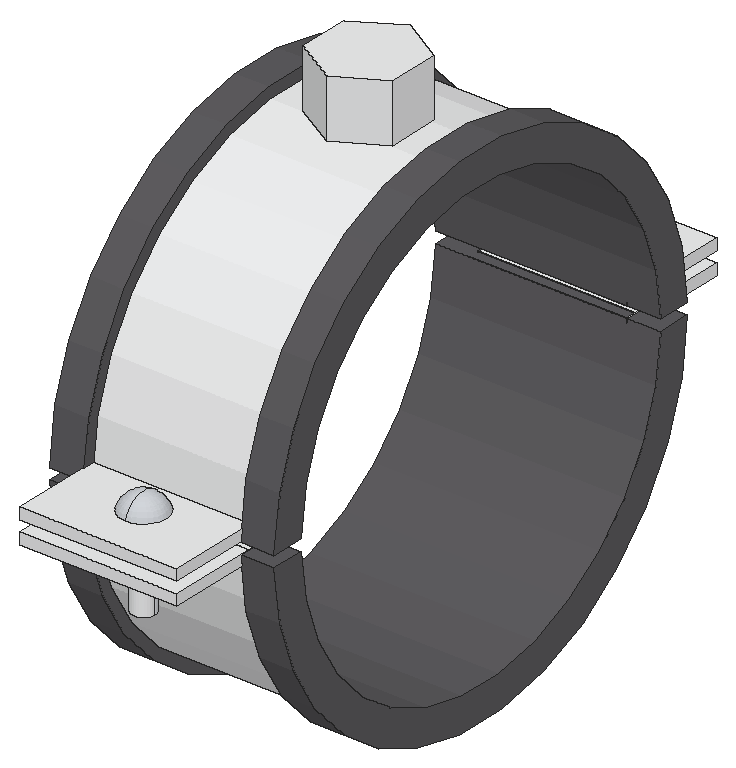
Revit family "QSS+_Хомут М10", category Соединительные детали трубопроводов, Revit 2019
Family settings
  Размер круглого соединителя = Использовать диаметр
  Тип детали = Соединение
  На основе рабочей плоскости = Нет
  Всегда вертикально = Да
  При загрузке вырезать с полостями = Нет
  Общий = Нет
Parameters (values of type "QSS+")
  Материал_Хомут = Черный
  Материал_Крепление = металл
  Вставки в хомут [instance] = yes
  n [instance] = 1 mm  # constant formula
  m [instance] = 2 * sqrt((((DN / 2) ^ 2) / 1 mm - ((n / 2 - l) ^ 2) / 1 mm) * 1 mm)  # 8.943 mm
  l [instance] = sqrt((((DN / 2) ^ 2) / 1 mm - ((n / 2) ^ 2) / 1 mm) * 1 mm)  # 19.994 mm
  d [instance] = DN + 4 mm  # 44 mm
  URL = "www.agpipe.ru"
  L [instance] = 20 mm  # constant formula
  DN [instance] = 40 mm
  ADSK_Примечание = ""
  ADSK_Позиция [instance] = ""
  ADSK_Обозначение = ""
  ADSK_Наименование [instance] = size_lookup("QSS_Хомут М10", "ADSK_Наименование", "Нет в каталоге", DN)  # "Хомут М10 DN40"
  ADSK_Масса_Текст = ""
  ADSK_Код изделия [instance] = size_lookup("QSS_Хомут М10", "ADSK_Код изделия", "Нет в каталоге", DN)  # "QSS-BKT-240214"
  ADSK_Завод-изготовитель = "Agpipe"  # constant formula
  ADSK_Единица измерения = "шт."  # constant formula
Reference planes
  plane 1 "По центру (Вперед/Назад)": y = 0
  plane 2: z = 0
  plane 3 "По центру (Влево/Вправо)": x = 0
  plane 4: x = -10
  plane 5: x = 10
  plane 6: z = 0.5
  plane 7: z = -0.5
  plane 8: y = -20
  plane 9: y = 20
  plane 10: x = -7
  plane 11: x = 7
  plane 12: z = 22
  plane 13: z = -22
  plane 14: y = 25
  plane 15: y = -25
Forms (mm)
  Sweep 1, solid, material "Черный" <- "Материал_Хомут"
    path origin (0, 0, 0) x (0, 1, 0) y (0, 0, 1)
      loop
        circle (0, 0) r 20
    profile origin (0, 0, 20) x (0, 0, -1) y (1, 0, 0)
      loop
        line (0, 10) -> (-2.971, 10) -> (-2.971, 7) -> (-0.971, 7) -> (-0.971, -7) -> (-2.971, -7) -> (-2.971, -10) -> (0, -10) -> (0, 10)
  Sweep 2, solid, material "металл" <- "Материал_Крепление"
    path origin (0, 0, 0) x (0, 1, 0) y (0, 0, 1)
      loop
        circle (0, 0) r 20
    profile origin (0, 0, 20) x (0, 0, -1) y (1, 0, 0)
      loop
        line (-0.971, 7) -> (-1.971, 7) -> (-1.971, -7) -> (-0.971, -7) -> (-0.971, 7)
  Extrusion 3, void
    sketch origin (0, 0, 0) x (0, 1, 0) y (0, 0, 1)
      loop
        line (-25, 0.5) -> (-25, -0.5) -> (29.96, -0.5) -> (29.96, 0.5) -> (-25, 0.5)
    from -10 to 10
  Extrusion 4, solid, material "металл" <- "Материал_Крепление"
    sketch origin (0, 0, 0) x (0, 1, 0) y (0, 0, 1)
      loop
        line (20, 0.5) -> (30, 0.5) -> (30, 1.5) -> (20, 1.5) -> (20, 0.5)
      loop
        line (20, -0.5) -> (20, -1.5) -> (30, -1.5) -> (30, -0.5) -> (20, -0.5)
    from -7 to 7
  Extrusion 5, void
    sketch origin (0, 0, 0) x (1, 0, 0) y (0, 1, 0)
      loop
        line (1.5, 30) -> (-1.5, 30) -> (-1.5, 25)
        arc (-1.5, 25) -> (0, 23.5) -> (1.5, 25) r 1.5
        line (1.5, 25) -> (1.5, 30)
    from -1.5 to 0
  Extrusion 6, solid, material "металл" <- "Материал_Крепление"
    sketch origin (0, 0, 0) x (1, 0, 0) y (0, 1, 0)
      loop
        circle (0, 25) r 1
    from -6.479 to 0.5
  Extrusion 7, solid, material "металл" <- "Материал_Крепление"
    sketch origin (0, 0, 0) x (1, 0, 0) y (0, 1, 0)
      loop
        line (4, 2.309) -> (0, 4.619) -> (-4, 2.309) -> (-4, -2.309) -> (0, -4.619) -> (4, -2.309) -> (4, 2.309)
    from 22 to 27.159
  Revolve 8, solid
    sketch origin (0, 0, 0) x (0, 1, 0) y (0, 0, 1)
      loop
        line (25, 1.5) -> (25, 3.035)
        arc (25, 3.035) -> (23.742, 2.604) -> (23, 1.5) r 2.086
        line (23, 1.5) -> (25, 1.5)
      axis (25, 1.5) -> (25, 3.035)
    angle from 0 to 360
  Extrusion 9, solid, material "металл" <- "Материал_Крепление"
    sketch origin (0, 0, 0) x (0, -1, 0) y (0, 0, -1)
      loop
        line (20, -0.5) -> (20, -1.5) -> (30, -1.5) -> (30, -0.5) -> (20, -0.5)
      loop
        line (20, 0.5) -> (30, 0.5) -> (30, 1.5) -> (20, 1.5) -> (20, 0.5)
    from -7 to 7
  Extrusion 10, solid, material "металл" <- "Материал_Крепление"
    sketch origin (0, 0, 0) x (1, 0, 0) y (0, 1, 0)
      loop
        circle (0, -25) r 1
    from -6.479 to 0.5
  Revolve 11, solid
    sketch origin (0, 0, 0) x (0, -1, 0) y (0, 0, 1)
      loop
        line (25, 1.5) -> (25, 3.035)
        arc (25, 3.035) -> (23.742, 2.604) -> (23, 1.5) r 2.086
        line (23, 1.5) -> (25, 1.5)
      axis (25, 1.5) -> (25, 3.035)
    angle from 0 to 360
Cuts and joins
  Extrusion 3 cuts Sweep 1
  Extrusion 5 cuts Extrusion 4
  Extrusion 3, Extrusion 5 cuts Sweep 2
Lines and regions (mm)
  reference lines
    curve 1: line (-1.5, 0, 0) -> (1.5, 0, 0)
  model lines
    curve 2: line (7, 21.627, 1.5) -> (-7, 21.627, 1.5)
Dimensions and locks
  equal spacing: plane 4, plane 3 "По центру (Влево/Вправо)", plane 5
  "L": plane 4 to plane 5
  equal spacing: plane 6, level, plane 7
  "n": plane 6 to plane 7
  locked: Sweep 1 sketch curve to plane 4 at 3
  locked: Sweep 1 sketch curve to plane 5 at 3
  locked: Sweep 1 sketch curve to profile plane at 0.971
  locked: Sweep 1 sketch curve to profile plane at 2.971
  locked: Sweep 2 sketch curve to profile plane at 0.971
  locked: Sweep 2 sketch curve to profile plane at 1.971
  locked: Sweep 2 sketch curve to plane 4 at 3
  locked: plane 5 to Sweep 2 sketch curve at 3
  equal spacing: plane 8, plane 1 "По центру (Вперед/Назад)", plane 9
  "DN": plane 8 to plane 9
  locked: plane 9 to Extrusion 3 sketch curve at 9.96
  locked: plane 9 to Extrusion 4 sketch curve at 10
  locked: Extrusion 4 sketch curve to plane 6 at 1
  locked: plane 7 to Extrusion 4 sketch curve at 1
  locked: plane 4 to plane 10 at 3
  locked: plane 11 to plane 5 at 3
  equal spacing: Extrusion 5 sketch curve, plane 3 "По центру (Влево/Вправо)", Extrusion 5 sketch curve
  locked: Extrusion 5 sketch curve to Extrusion 5 sketch curve at 3
  locked: cut or joined group of Extrusion 4, Extrusion 5 to Extrusion 5 sketch curve at 5
  locked: Extrusion 6 sketch curve to plane 9 at 5
  cut or joined group of Extrusion 4, Extrusion 5 to Extrusion 6 = 1 mm
  equal spacing: plane 12, level, plane 13
  "d": plane 12 to plane 13
  locked: Extrusion 7 to plane 12 at 5.159
  locked: cut or joined group of Extrusion 4, Extrusion 5 to curve 2 at 8.373
  locked: plane 14 to plane 9 at 5
  locked: Revolve 8 sketch curve to Revolve 8 sketch curve at 2
  Revolve 8 sketch curve to Revolve 8 sketch curve = 0 mm
  locked: plane 7 to Extrusion 6 at 5.979
  locked: plane 8 to plane 15 at 5
  locked: Revolve 11 sketch curve to Revolve 11 sketch curve at 2
  Revolve 11 sketch curve to Revolve 11 sketch curve = 0 mm
  "DN": diameter of Sweep 1 sketch curve
  "DN": diameter of Sweep 2 sketch curve
  aligned and locked: level to plane 2
  aligned and locked: profile plane to Sweep 1 sketch curve
  aligned and locked: plane 4 to Sweep 1 sketch curve
  aligned and locked: plane 5 to Sweep 1 sketch curve
  aligned and locked: Sweep 1 sketch curve to Sweep 1 sketch curve
  aligned and locked: Extrusion 3 sketch curve to plane 6
  aligned and locked: plane 7 to Extrusion 3 sketch curve
  aligned and locked: plane 5 to Extrusion 3
  aligned and locked: Extrusion 3 to plane 4
  aligned and locked: plane 9 to Extrusion 4 sketch curve
  aligned and locked: plane 6 to Extrusion 4 sketch curve
  aligned and locked: Extrusion 4 sketch curve to plane 9
  aligned and locked: plane 7 to Extrusion 4 sketch curve
  aligned and locked: Extrusion 4 sketch curve to Extrusion 4 sketch curve
  aligned and locked: Extrusion 4 to plane 10
  aligned and locked: Extrusion 4 to plane 11
  aligned and locked: cut or joined group of Extrusion 4, Extrusion 5 to Extrusion 5 sketch curve
  aligned and locked: Extrusion 4 to Extrusion 5
  aligned and locked: level to Extrusion 5
  aligned and locked: Extrusion 7 to plane 12
  aligned and locked: plane 14 to Revolve 8 sketch curve
  aligned and locked: plane 6 to Extrusion 6
  aligned and locked: plane 15 to Extrusion 3 sketch curve
  aligned and locked: Extrusion 9 sketch curve to Extrusion 9 sketch curve
Automatic sketch dimensions
  Sweep 1 sketch curve to level = 0 mm
  Sweep 1 sketch curve to plane 1 "По центру (Вперед/Назад)" = 0 mm
  Sweep 2 sketch curve to level = 0 mm
  Sweep 2 sketch curve to plane 1 "По центру (Вперед/Назад)" = 0 mm
  Extrusion 6 sketch curve to plane 3 "По центру (Влево/Вправо)" = 0 mm
  plane 1 "По центру (Вперед/Назад)" to curve 1 = 0 mm
  curve 1 to plane 3 "По центру (Влево/Вправо)" = 1.5 mm
  plane 3 "По центру (Влево/Вправо)" to curve 1 = 1.5 mm
  curve 2 to Extrusion 4 = 0 mm  (x2)
  plane 14 to Revolve 8 sketch curve = 0.012 mm
  plane 6 to Revolve 8 sketch curve = 0.449 mm
  plane 6 to Revolve 8 sketch curve = 1 mm
  Revolve 8 sketch curve to plane 13 = 177.8 mm
  plane 12 to Revolve 8 sketch curve = 2311.4 mm
  Extrusion 9 sketch curve to plane 6 = 0 mm
  Extrusion 9 sketch curve to plane 8 = 0 mm  (x2)
  Extrusion 9 sketch curve to plane 7 = 0 mm
  Extrusion 9 sketch curve to plane 15 = 5 mm
  plane 7 to Extrusion 9 sketch curve = 1 mm
  Extrusion 9 sketch curve to Extrusion 9 sketch curve = 1 mm
  Extrusion 10 sketch curve to plane 3 "По центру (Влево/Вправо)" = 0 mm
  plane 15 to Extrusion 10 sketch curve = 0 mm
  Revolve 11 sketch curve to plane 15 = 0 mm
  Revolve 11 sketch curve to plane 15 = 0.012 mm
  Revolve 11 sketch curve to plane 6 = 0.449 mm
  Revolve 11 sketch curve to plane 6 = 1 mm
  plane 13 to Revolve 11 sketch curve = 177.8 mm
  Revolve 11 sketch curve to plane 12 = 2311.4 mm
  radius of Extrusion 6 sketch curve = 1 mm
  radius of Extrusion 10 sketch curve = 1 mm
Connectors
  piping at (-1.5, 0, 0), diameter 40, driven by "DN"
    settings: on curve 1, index 1, connector inside diameter 609.6 mm, connector length 0 mm, flow factor 0, pipe flow 0.0 L/s, pressure drop 0.0 Pa, fitting loss kfactor 0, connector angle 0.00°, fixture units 0, engagement length 0 mm, angle of deflection 0.00°, flow configuration 0, flow direction 0, fitting loss method 0, system type 28, joint type 0, gender type 0, connector reference index 2, connector utility 0, adjustable connector no, is connector primary yes, connector description ""
  piping at (1.5, 0, 0), diameter 40, driven by "DN"
    settings: on curve 1, index 2, connector inside diameter 609.6 mm, connector length 0 mm, flow factor 0, pipe flow 0.0 L/s, pressure drop 0.0 Pa, fitting loss kfactor 0, connector angle 0.00°, fixture units 0, engagement length 0 mm, angle of deflection 0.00°, flow configuration 0, flow direction 0, fitting loss method 0, system type 28, joint type 0, gender type 0, connector reference index 1, connector utility 0, adjustable connector no, is connector primary no, connector description ""
